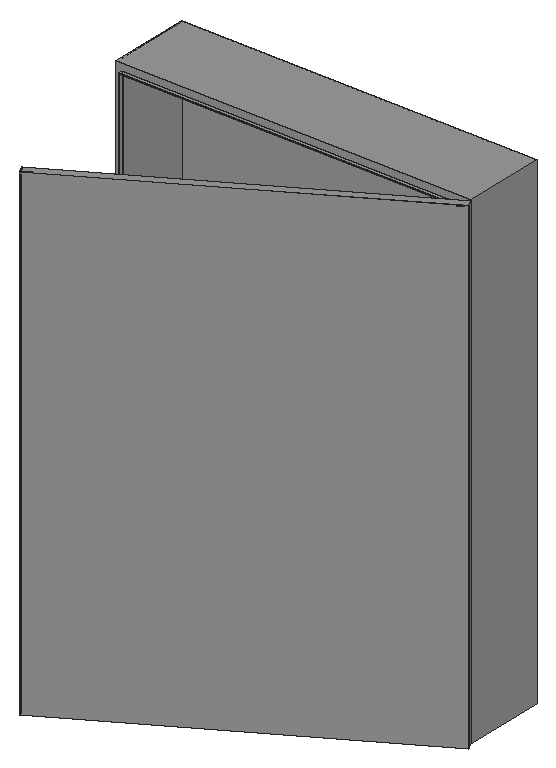
Revit family "Hager-Univers-IP44-D205-H1100-Cl.I-Encl-NoHosted-CH-it", category Electrical Equipment, Revit 2020
Family settings
  Panel Configuration = Two Columns, Circuits Across
  Round Connector Dimension = Use Diameter
  Part Type = Panelboard
  Work Plane-Based = Yes
  Always vertical = Yes
  Cut with Voids When Loaded = No
  Shared = No
  Room Calculation Point = No
Parameters (values of type "A parete IP44 L800 A1100 P205  - FP73TN2")
  Width Control [instance] = if([EF000008 - Larghezza] > Min Width, [EF000008 - Larghezza], Min Width)  # 800 mm
  Type Comments = [HG000003 - Gamma]  # "Univers"
  Thickness Door [instance] = if([EF009171 - spessore materiale porta/coperchio] > 3 mm, 3 mm, [EF009171 - spessore materiale porta/coperchio])  # 1 mm
  Seal Frame Offset [instance] = 17 mm  # constant formula
  Plinth Visibility [instance] = [HG000027 - Altezza dello zoccolo] > 0 mm  # no
  Min Width [instance] = 100 mm  # constant formula
  Min Depth [instance] = (2 * [EF009170 - spessore materiale scatola]) + 1 mm  # 3 mm
  Min Height [instance] = 100 mm  # constant formula
  Internal Frame Depth [instance] = (Door System Depth * 0.5)  # 9 mm
  Panel Name [instance] = ""  # (empty or 0)
  Model = ""
  HG000027 - Altezza dello zoccolo = 0 mm
  HG000026 - A pavimento = no
  HG000024 - Altezza della sezione inferiore = 600 mm
  HG000023 - Custodia a doppia sezione = no
  HG000016 - Visibilità delle porte nella vista 3D [instance] = yes
  HG000015 - Visibilità attraverso la porta [instance] = no
  HG000014 - Porta destra [instance] = yes
  HG000013 - Porta sinistra [instance] = not([HG000014 - Porta destra])  # no
  HG000012 - Angolo di apertura della porta [instance] = 30.00°
  HG000010 - Porte asimmetriche = no
  HG000009 - Porta doppia a battente = no
  HG000006 - Ad incasso = no
  HG000004 - Codice produttore = "FP73TN2"
  HG000003 - Gamma = "Univers"
  HG000002 - Con porta = yes
  Frame Offset Bottom [instance] = 10 mm  # constant formula
  Frame Offset [instance] = 15 mm  # constant formula
  EF015940 - Coprire con rilascio di sovrapressione = no
  EF011959 - tipo di protezione (NEMA) = ""
  EF009554 - numero delle aperture per la piastra della flangia = 6
  EF009212 - esecuzione coperchio = "EV000116 - chiuso"
  EF009171 - spessore materiale porta/coperchio = 1 mm
  EF009170 - spessore materiale scatola = 1 mm
  EF008873 - corrente nominale (In) = 250 A
  EF007800 - adatto per parafulmine = no
  EF006306 - con serratura = no
  EF006244 - coperchio/porta trasparente = no
  EF005474 - grado di protezione (IP) = "EV006418 - IP44"
  EF004464 - tipo di porta = "EV002646 - singolo"
  EF004427 - numero di moduli = 252
  EF004293 - resistenza agli urti = "EV006815 - IK09"
  EF003532 - adatto per uso esterno = no
  EF002950 - Numero moduli DIN = 36
  EF001613 - Integrità del circuito = "EV000494 - senza"
  EF001596 - Attacco Lampada = "EV000179 - acciaio"
  EF001131 - profondità interna = 130 mm
  EF001088 - possibilità di applicazione = yes
  EF000437 - numero di ingressi per conduttori = 6
  EF000339 - tipo di copertura = "EV001012 - coperchio"
  EF000266 - numero di file = 7
  EF000218 - profondità di incasso = 205 mm
  EF000118 - con piastra di montaggio = no
  EF000116 - numero RAL = "9010"
  EF000049 - profondità = 205 mm
  EF000040 - Altezza = 1100 mm
  EF000008 - Larghezza = 800 mm
  EF000007 - colore = "EV000202 - bianco"
  EF000003 - Tipo di montaggio = "EV000384 - A parete"
  Door System Leaf Tolerance [instance] = 1.5 mm  # constant formula
  Door System Depth [instance] = 18 mm  # constant formula
  Door Height [instance] = Height Control - [HG000027 - Altezza dello zoccolo]  # 1100 mm
  Description = ""
  Default Elevation = 1219.2 mm
  Connector Offset [instance] = Height Control / 2  # 550 mm
  Manufacturer = "Hager"  # constant formula
  Height Control [instance] = if([EF000040 - Altezza] > Min Height, [EF000040 - Altezza], Min Height)  # 1100 mm
  Depth Control [instance] = if([EF000049 - profondità] > Min Depth, [EF000049 - profondità], Min Depth)  # 205 mm
  Bottom Top Plate Trim [instance] = 1.5 mm  # constant formula
  Plinth height Ctrl [instance] = if([HG000027 - Altezza dello zoccolo] > 0 mm, [HG000027 - Altezza dello zoccolo], 12 mm)  # 12 mm
Types (10, lengths in mm): name | Width Control | HG000010 - Porte asimmetriche | HG000009 - Porta doppia a battente | HG000004 - Codice produttore | EF009554 - numero delle aperture per la piastra della flangia | EF004464 - tipo di porta | EF004427 - numero di moduli | EF002950 - Numero moduli DIN | EF000437 - numero di ingressi per conduttori | EF000218 - profondità di incasso | EF000008 - Larghezza
  A parete IP44 L1050 A1100 P205  - FP74QT | 1050 | no | no | "FP74QT" | 8 | "EV003602 - doppio" | 336 | 48 | 8 | 0 | 1050
  A parete IP44 L1050 A1100 P205  - FP74TN2 | 1050 | no | yes | "FP74TN2" | 8 | "EV003602 - doppio" | 336 | 48 | 8 | 205 | 1050
  A parete IP44 L1300 A1100 P205  - FP75QT | 1300 | no | no | "FP75QT" | 10 | "EV003602 - doppio" | 420 | 60 | 10 | 0 | 1300
  A parete IP44 L1300 A1100 P205  - FP75TN2 | 1300 | yes | yes | "FP75TN2" | 10 | "EV003602 - doppio" | 420 | 60 | 10 | 205 | 1300
  A parete IP44 L300 A1100 P205  - FP71QT | 300 | no | no | "FP71QT" | 2 | "EV002646 - singolo" | 84 | 12 | 2 | 0 | 300
  A parete IP44 L300 A1100 P205  - FP71TN2 | 300 | no | no | "FP71TN2" | 2 | "EV002646 - singolo" | 84 | 12 | 2 | 205 | 300
  A parete IP44 L550 A1100 P205  - FP72QT | 550 | no | no | "FP72QT" | 4 | "EV002646 - singolo" | 168 | 24 | 4 | 0 | 550
  A parete IP44 L550 A1100 P205  - FP72TN2 | 550 | no | no | "FP72TN2" | 4 | "EV002646 - singolo" | 168 | 24 | 4 | 205 | 550
  A parete IP44 L800 A1100 P205  - FP73QT | 800 | no | no | "FP73QT" | 6 | "EV002646 - singolo" | 252 | 36 | 6 | 0 | 800
  A parete IP44 L800 A1100 P205  - FP73TN2 | 800 | no | no | "FP73TN2" | 6 | "EV002646 - singolo" | 252 | 36 | 6 | 205 | 800
Reference planes
  plane 1 "Center (Front/Back)": y = 0
  plane 2: z = 0
  plane 3 "Center (Left/Right)": x = 0
  plane 4: y = 0
  plane 5: y = 0
  plane 6: z = 0
  plane 7: x = -400
  plane 8: x = 400
  plane 9: x = 399
  plane 10: x = -399
  plane 11: z = 0
  plane 12: z = 1
  plane 13: y = -205
  plane 14: y = -1
  plane 15: x = 0
  plane 16: y = -187
  plane 17: y = -204
  plane 18: y = -186
  plane 19: x = -384
  plane 20: x = 384
  plane 21: z = 11
  plane 22: x = -383
  plane 23: x = 383
  plane 24: z = 0
  plane 25: z = 1100
  plane 26: z = 1100
  plane 27: z = 1084
  plane 28: z = 1099
Forms (mm)
  Extrusion 1, solid, material "Hager_Steel_RAL7035_Light_Grey", detail levels medium+fine
    sketch origin (-208.679, -4572, 0) x (-1, 0, 0) y (0, -1, 0)
      loop
        line (191.321, -4385) -> (-608.679, -4385) -> (-608.679, -4572) -> (191.321, -4572) -> (191.321, -4385)
    from 0 to 1100
  Extrusion 2, void
    sketch origin (-350.771, -205, 1219.2) x (1, 0, 0) y (0, 0, 1)
      loop
        line (-48.229, -120.2) -> (-48.229, -1218.2) -> (749.771, -1218.2) -> (749.771, -120.2) -> (-48.229, -120.2)
    from -19 to -204
  Extrusion 3, void
    sketch origin (-290.084, -187, 1219.2) x (1, 0, 0) y (0, 0, 1)
      loop
        line (-93.916, -1208.2) -> (674.084, -1208.2) -> (674.084, -135.2) -> (-93.916, -135.2) -> (-93.916, -1208.2)
    from 0 to -1
  Extrusion 4, solid, material "Hager_Steel_RAL7035_Light_Grey", visible <- "Plinth Visibility", detail levels medium+fine
    sketch origin (0, 0, 0) x (1, 0, 0) y (0, 1, 0)
      loop
        line (-400, 0) -> (-400, -187) -> (400, -187) -> (400, 0) -> (-400, 0)
    from 0 to 12 <- "Plinth height Ctrl"
  Extrusion 5, solid, material "Hager_Steel_RAL7035_Light_Grey", detail levels coarse
    sketch origin (0, 0, 0) x (1, 0, 0) y (0, 1, 0)
      loop
        line (-400, 0) -> (-400, -205) -> (400, -205) -> (400, 0) -> (-400, 0)
    from 0 to 1100 <- "Height Control"
  Sweep 6, void
    path in 3D
      loop
        line (-400, -187, 12) -> (400, -187, 12) -> (400, 0, 12) -> (-400, 0, 12) -> (-400, -187, 12)
    profile origin (-400, -93.5, 12) x (1, 0, 0) y (0, 0, 1)
      loop
        line (0, 0) -> (0, -1.5) -> (1.5, -1.5)
        arc (1.5, -1.5) -> (1.061, -0.439) -> (0, 0) r 1.5
  Extrusion 7, solid, material "Hager_Steel_RAL7035_Light_Grey", detail levels fine
    sketch origin (-400, -187, 0) x (1, 0, 0) y (0, 0, 1)
      loop
        line (16, 11) -> (784, 11) -> (784, 1084) -> (16, 1084) -> (16, 11)
      loop
        line (15, 10) -> (785, 10) -> (785, 1085) -> (15, 1085) -> (15, 10)
    from 0 to 9 <- "Internal Frame Depth"
Cuts and joins
  Extrusion 2, Extrusion 3 cuts Extrusion 1
  Sweep 6 cuts Extrusion 4
Lines and regions (mm)
  Masking region 1
    outline origin (0, 0, 0) x (1, 0, 0) y (0, 1, 0)
      loop
        line (-400, 0) -> (-400, -205) -> (400, -205) -> (400, 0) -> (-400, 0)
  Masking region 2, detail levels coarse
    outline origin (-290.084, -187, 1219.2) x (-1, 0, 0) y (0, 0, 1)
      loop
        line (-690.084, -1219.2) -> (109.916, -1219.2) -> (109.916, -119.2) -> (-690.084, -119.2) -> (-690.084, -1219.2)
  Masking region 3, detail levels coarse
    outline origin (0, 0, 0) x (0, 1, 0) y (0, 0, 1)
      loop
        line (0, 0) -> (0, 1100) -> (-205, 1100) -> (-205, 0) -> (0, 0)
  Masking region 4, visible <- "Plinth Visibility", detail levels medium+fine
    outline origin (0, 0, 0) x (0, 1, 0) y (0, 0, 1)
      loop
        line (-1.5, 12) -> (-185.5, 12)
        arc (-185.5, 12) -> (-185.939, 10.939) -> (-187, 10.5) r 1.5
        line (-187, 10.5) -> (-187, 0) -> (0, 0) -> (0, 10.5)
        arc (0, 10.5) -> (-1.061, 10.939) -> (-1.5, 12) r 1.5
  Masking region 5, detail levels medium+fine
    outline origin (0, 0, 594.038) x (0, 1, 0) y (0, 0, 1)
      loop
        line (0, -594.038) -> (0, 505.962) -> (-187, 505.962) -> (-187, -594.038) -> (0, -594.038)
  Masking region 6, detail levels medium+fine
    outline origin (-359.7, -187, 1211.883) x (-1, 0, 0) y (0, 0, 1)
      loop
        line (-759.7, -1211.883) -> (40.3, -1211.883) -> (40.3, -111.883) -> (-759.7, -111.883) -> (-759.7, -1211.883)
  Masking region 7, visible <- "Plinth Visibility", detail levels medium+fine
    outline origin (-320.334, -187, 1041.368) x (-1, 0, 0) y (0, 0, 1)
      loop
        line (-720.334, -1041.368) -> (79.666, -1041.368) -> (79.666, -1030.868)
        arc (79.666, -1030.868) -> (78.606, -1030.429) -> (78.166, -1029.368) r 1.5
        line (78.166, -1029.368) -> (-718.834, -1029.368)
        arc (-718.834, -1029.368) -> (-719.273, -1030.429) -> (-720.334, -1030.868) r 1.5
        line (-720.334, -1030.868) -> (-720.334, -1041.368)
  sketch lines
    curve 1: line (-400, 0, 12) -> (-400, -187, 12)
    curve 2: line (-400, -187, 12) -> (400, -187, 12)
    curve 3: line (400, 0, 12) -> (-400, 0, 12)
    curve 4: line (400, -187, 12) -> (400, 0, 12)
Dimensions and locks
  locked: plane 1 "Center (Front/Back)" to plane 5
  "EF009170 - spessore materiale scatola": plane 7 to plane 10
  "EF009170 - spessore materiale scatola": plane 8 to plane 9
  equal spacing: plane 7, plane 3 "Center (Left/Right)", plane 8
  "Width Control": plane 7 to plane 8
  "Depth Control": plane 4 to plane 13
  "EF009170 - spessore materiale scatola": plane 4 to plane 14
  "Height Control": plane 25 to level
  "HG000027 - Altezza dello zoccolo": plane 11 to level
  "EF009170 - spessore materiale scatola": plane 12 to plane 11
  "EF009170 - spessore materiale scatola": plane 17 to plane 13
  "EF009170 - spessore materiale scatola": plane 18 to plane 16
  "Frame Offset Bottom": plane 21 to plane 12
  "Frame Offset": plane 10 to plane 19
  "Frame Offset": plane 9 to plane 20
  "Door System Depth": plane 16 to plane 13
  "Seal Frame Offset": plane 7 to plane 22
  "Seal Frame Offset": plane 8 to plane 23
  "EF009170 - spessore materiale scatola": plane 26 to plane 28
  "Frame Offset": plane 28 to plane 27
  "Connector Offset": plane 2 to connector elem
  "Bottom Top Plate Trim": profile plane to Sweep 6 sketch curve
  "Bottom Top Plate Trim": Sweep 6 sketch curve to Sweep 6 sketch curve
  "Plinth height Ctrl": Masking region 4 sketch curve to level
  "Plinth height Ctrl": Masking region 7 sketch curve to level
  "Thickness Door": Extrusion 7 sketch curve to Extrusion 7 sketch curve  (x4)
  "Bottom Top Plate Trim": radius of Sweep 6 sketch curve
  "Bottom Top Plate Trim": radius of Masking region 4 sketch curve  (x2)
  "Bottom Top Plate Trim": radius of Masking region 7 sketch curve  (x2)
  aligned and locked: Extrusion 2 sketch curve to plane 12
  aligned and locked: Extrusion 2 sketch curve to plane 9
  aligned and locked: Extrusion 2 sketch curve to plane 10
  aligned and locked: Extrusion 2 to plane 14
  aligned and locked: Extrusion 1 sketch curve to plane 4
  aligned and locked: plane 8 to Extrusion 1 sketch curve
  aligned and locked: plane 7 to Extrusion 1 sketch curve
  aligned and locked: Extrusion 2 to plane 18
  aligned and locked: Extrusion 3 sketch curve to plane 19
  aligned and locked: plane 20 to Extrusion 3 sketch curve
  aligned and locked: Extrusion 3 to Extrusion 2
  aligned and locked: Extrusion 3 sketch curve to plane 21
  aligned and locked: plane 3 "Center (Left/Right)" to nested 1
  aligned and locked: Extrusion 1 sketch curve to plane 16
  aligned and locked: Extrusion 4 sketch curve to cut or joined group of Extrusion 1, Extrusion 2, Extrusion 3
  aligned and locked: Masking region 1 sketch curve to plane 7
  aligned and locked: Masking region 1 sketch curve to plane 5
  aligned and locked: Masking region 1 sketch curve to plane 8
  aligned and locked: Masking region 2 sketch curve to level
  aligned and locked: level to Masking region 3 sketch curve
  aligned and locked: plane 1 "Center (Front/Back)" to Masking region 3 sketch curve
  aligned and locked: plane 13 to Masking region 3 sketch curve
  aligned and locked: plane 5 to Masking region 4 sketch curve
  aligned and locked: Masking region 2 sketch curve to plane 8
  aligned and locked: Masking region 2 sketch curve to plane 7
  aligned and locked: plane 7 to nested 2
  aligned and locked: nested 2 to plane 5
  aligned and locked: plane 5 to Masking region 5 sketch curve
  aligned and locked: plane 26 to Masking region 5 sketch curve
  aligned and locked: Extrusion 5 sketch curve to plane 8
  aligned and locked: Extrusion 5 sketch curve to plane 7
  aligned and locked: Extrusion 5 sketch curve to plane 5
  aligned and locked: Extrusion 3 sketch curve to plane 27
  aligned and locked: Extrusion 2 sketch curve to plane 28
  aligned and locked: Masking region 2 to plane 25
  aligned and locked: Extrusion 4 to plane 16
  aligned and locked: profile plane to Sweep 6 sketch curve
  aligned and locked: Masking region 5 sketch curve to plane 24
  aligned and locked: level to Masking region 4 sketch curve
  aligned and locked: Masking region 1 to plane 13
  aligned and locked: nested 1 to plane 16
  aligned and locked: Masking region 3 to plane 25
  aligned and locked: plane 16 to Masking region 4 sketch curve
  aligned and locked: Masking region 5 sketch curve to plane 16
  aligned and locked: plane 24 to plane 11
  aligned and locked: plane 26 to plane 25
  aligned and locked: plane 26 to cut or joined group of Extrusion 1, Extrusion 2, Extrusion 3
  aligned and locked: nested 1 to plane 24
  aligned and locked: Extrusion 1 to Extrusion 3
  aligned and locked: Masking region 6 sketch curve to plane 8
  aligned and locked: Masking region 6 sketch curve to plane 24
  aligned and locked: Masking region 6 sketch curve to plane 7
  aligned and locked: Masking region 6 sketch curve to plane 26
  aligned and locked: Masking region 7 sketch curve to plane 7
  aligned and locked: level to Masking region 7 sketch curve
  aligned and locked: Masking region 7 sketch curve to plane 8
  aligned and locked: Extrusion 7 sketch curve to cut or joined group of Extrusion 1, Extrusion 2, Extrusion 3  (x4)
Automatic sketch dimensions
  plane 19 to Extrusion 3 sketch curve = 0 mm
  Extrusion 3 sketch curve to plane 20 = 0 mm
  Extrusion 3 sketch curve to plane 21 = 0 mm
  Extrusion 4 sketch curve to plane 7 = 0 mm
  Extrusion 4 sketch curve to plane 8 = 0 mm
  Extrusion 4 sketch curve to plane 16 = 0 mm
  Masking region 1 sketch curve to plane 13 = 0 mm
  Masking region 2 sketch curve to plane 25 = 0 mm
  Masking region 3 sketch curve to plane 25 = 0 mm
  Extrusion 5 sketch curve to plane 13 = 0 mm
  profile plane to Sweep 6 sketch curve = 0 mm
Nested families
  nested 1: "EC000058_Univers_Door" at (0, -187, 0), Double <- "HG000009 - Porta doppia a battente", Transparent <- "EF006244 - coperchio/porta trasparente", Angle <- "HG000012 - Angolo di apertura della porta", Door_Right <- "HG000014 - Porta destra", Assymetrical <- "HG000010 - Porte asimmetriche", Door <- "HG000002 - Con porta", Width_Ctrl <- "Width Control", 3d_Door <- "HG000016 - Visibilità delle porte nella vista 3D", Clearance <- "HG000015 - Visibilità attraverso la porta", Door_Left <- "HG000013 - Porta sinistra", Width <- "Width Control", Door_Depth <- "Door System Depth", Leaf_Tolerance <- "Door System Leaf Tolerance", Height <- "Door Height", Lock_Visibility <- "EF006306 - con serratura", Thickness <- "Thickness Door", type "EC000058_Univers_Door", detail levels medium+fine
    with min_wh 3 mm, Width_Ctrl 800 mm, Width 800 mm, Transparent no, Thickness 1 mm, Seal_Material Hager_Rubber, Lock_Visibility no, Lock_Material Hager_Plastic_RAL9005_Jet_Black, Leaf_Width 800 mm, Leaf_Tolerance_External_Sides 0 mm, Leaf_Tolerance 1.5 mm, Leaf_Offset 0 mm, Leaf_Height 1097 mm, Leaf_2_Width 800 mm, Leaf_2_Offset 400 mm, Leaf_1_Width 800 mm, Leaf_1_Offset 400 mm, Height_Ctrl 1100 mm, Height 1100 mm, Glass_Material Hager_Glass, Double_Clearance_Ctrl no, Double no, Door_Right_Ctrl yes, Door_Right yes, Door_Material Hager_Steel_RAL7035_Light_Grey, Door_Left_Ctrl no, Door_Left no, Door_Depth 18 mm, Door yes, Clearance_Material Hager_Clearance, Clearance_Depth 800 mm, Clearance_Ctrl no, Clearance no, Assymetrical no, Angle 30.00°, 3d_Door yes
  nested 2: "Hager_Enclosure_Symbol" at (-400, 0, 0), Height <- "Depth Control", Width <- "Width Control", type "Hager_Enclosure_Symbol"
    with Width_Ctrl 800 mm, Width 800 mm, Height_Ctrl 205 mm, Height 205 mm, A_Width_Int 13.453 mm, A_Width 161.438 mm, A_Height_Ctrl 179.375 mm, A_Height 179.375 mm
Connectors
  electrical at (0, 0, 550)
    settings: on plane 1 "Center (Front/Back)", index 1, voltage 0 V, apparent load 0 VA, apparent load phase1 0 VA, apparent load phase2 0 VA, apparent load phase3 0 VA, power factor 1, load classification "Other", number of poles 1, system type 30, power factor state 1, is connector primary yes, connector utility no, sub classification motor no, connector description ""
Definition of nested family "EC000058_Univers_Door"
  Parameters (values of type "EC000058_Univers_Door")
    min_wh [instance] = (2 * Thickness) + 1 mm  # 11 mm
    Width_Ctrl [instance] = 400 mm
    Width [instance] = 500 mm
    Transparent [instance] = yes
    Thickness [instance] = 5 mm
    Seal_Material [instance] = none
    Lock_Visibility [instance] = yes
    Lock_Material [instance] = none
    Leaf_Width [instance] = if((Width_Ctrl - 2 * Leaf_Tolerance_External_Sides) > 0 mm, (Width_Ctrl - 2 * Leaf_Tolerance_External_Sides), min_wh)  # 400 mm
    Leaf_Tolerance_External_Sides [instance] = 0 mm  # constant formula
    Leaf_Tolerance [instance] = 1.5 mm
    Leaf_Offset [instance] = 0 mm  # constant formula
    Leaf_Height [instance] = if((Height_Ctrl - 2 * Leaf_Tolerance) > 0 mm, (Height_Ctrl - 2 * Leaf_Tolerance), min_wh)  # 497 mm
    Leaf_2_Width [instance] = if(and(and(Double, Assymetrical), Door_Left), (Leaf_Width / 3) - (Leaf_Tolerance / 2), if(and(and(Double, Assymetrical), Door_Right), (Leaf_Width / 3) * 2 - (Leaf_Tolerance / 2), if(and(Double, not(Assymetrical)), (Leaf_Width / 2) - Leaf_Tolerance, Leaf_Width)))  # 400 mm
    Leaf_2_Offset [instance] = if(and(Double, Assymetrical), Leaf_2_Width / 2, if(and(Double, not(Assymetrical)), Leaf_Width / 4, Leaf_Width / 2))  # 200 mm
    Leaf_1_Width [instance] = if(and(and(Double, Assymetrical), Door_Right), (Leaf_Width / 3) - (Leaf_Tolerance / 2), if(and(and(Double, Assymetrical), Door_Left), (Width / 3) * 2 - (Leaf_Tolerance / 2), if(and(Double, not(Assymetrical)), (Leaf_Width / 2) - Leaf_Tolerance, Leaf_Width)))  # 400 mm
    Leaf_1_Offset [instance] = if(and(Double, Assymetrical), Leaf_1_Width / 2, if(and(Double, not(Assymetrical)), Leaf_Width / 4, Leaf_Width / 2))  # 200 mm
    Height_Ctrl [instance] = if(Height > min_wh, Height, min_wh)  # 500 mm
    Height [instance] = 500 mm
    Glass_Material [instance] = none
    Double_Clearance_Ctrl [instance] = and(Double, Clearance)  # no
    Double [instance] = no
    Door_Right_Ctrl [instance] = and(or(Door_Right, Double), Door)  # yes
    Door_Right [instance] = yes
    Door_Material [instance] = none
    Door_Left_Ctrl [instance] = and(or(Door_Left, Double), Door)  # no
    Door_Left [instance] = no
    Door_Depth [instance] = 30 mm
    Door [instance] = yes
    Default Elevation = 1219.2 mm
    Clearance_Material [instance] = none
    Clearance_Depth [instance] = if(Leaf_1_Width > Leaf_2_Width, Leaf_1_Width, Leaf_2_Width)  # 400 mm
    Clearance_Ctrl [instance] = and(not(Double), Clearance)  # yes
    Clearance [instance] = yes
    Assymetrical [instance] = yes
    Angle [instance] = 30.00°
    3d_Door [instance] = yes
  Reference planes
    plane 1 "Center (Front/Back)": y = 0
    plane 2 "Bottom": z = 0
    plane 3 "Center (Left/Right)": x = 0
    plane 4: z = 500
    plane 5: x = -200
    plane 6: x = 200
    plane 7: z = 500
    plane 8: x = -200
    plane 9: z = 0
    plane 10: x = 200
    plane 11: y = 0
    plane 12: z = 1.5
    plane 13: x = -600
    plane 14: y = -400
    plane 15: x = 600
    plane 16: x = 0
    plane 17: x = 0
    plane 18: x = -200
    plane 19: x = 200
    plane 20: z = 498.5
  Forms (mm)
    Extrusion 1, solid, material <- "Clearance_Material", visible <- "Double_Clearance_Ctrl"
      sketch origin (1200, 0, 0) x (1, 0, 0) y (0, 0, -1)
        loop
          line (-1800, -498.5) -> (-600, -498.5) -> (-600, 0) -> (-1800, 0) -> (-1800, -498.5)
      from 0 to -400
  Dimensions and locks
    equal spacing: plane 5, plane 3 "Center (Left/Right)", plane 6
    "Width_Ctrl": plane 5 to plane 6
    "Leaf_Offset": plane 5 to plane 8
    "Leaf_Offset": plane 6 to plane 10
    "Leaf_Offset": plane 9 to level
    "Leaf_Offset": plane 4 to plane 7
    "Height_Ctrl": plane 4 to level
    "Leaf_Tolerance": plane 12 to plane 9
    locked: plane 11 to plane 1 "Center (Front/Back)"
    "Leaf_1_Offset": plane 18 to plane 16
    "Leaf_2_Offset": plane 17 to plane 19
    "Leaf_1_Width": plane 13 to plane 8
    "Leaf_2_Width": plane 10 to plane 15
    "Clearance_Depth": plane 14 to plane 1 "Center (Front/Back)"
    "Leaf_Tolerance_External_Sides": plane 8 to plane 18
    "Leaf_Tolerance_External_Sides": plane 19 to plane 10
    "Leaf_Tolerance": plane 7 to plane 20
    aligned and locked: level to plane 2 "Bottom"
    aligned and locked: nested 1 to plane 16
    aligned and locked: nested 2 to plane 17
    aligned and locked: Extrusion 1 to plane 13
    aligned and locked: plane 15 to Extrusion 1
    aligned and locked: Extrusion 1 to plane 14
    aligned and locked: plane 12 to nested 1
    aligned and locked: nested 2 to plane 12
    aligned and locked: Extrusion 1 to plane 11
    aligned and locked: plane 20 to Extrusion 1
    aligned and locked: nested 2 to plane 11
    aligned and locked: nested 1 to plane 11
  Automatic sketch dimensions
    Extrusion 1 sketch curve to level = 0 mm
    plane 5 to Extrusion 1 sketch curve = 400 mm
    plane 6 to Extrusion 1 sketch curve = 400 mm
    Extrusion 1 sketch curve to plane 4 = 1.5 mm
  Nested families
    nested 1: "EC000058_Univers_Door_Leaf" at (0, 0, 1.5), Width <- "Leaf_1_Width", visible <- "Door_Left_Ctrl", Leaf_Height <- "Leaf_Height", Angle <- "Angle", 3d_Door <- "3d_Door", Transparent <- "Transparent", Clearance Material <- "Clearance_Material", Clearance <- "Clearance_Ctrl", Door_Material <- "Door_Material", Glass_Material <- "Glass_Material", Door_Depth <- "Door_Depth", Lock_Material <- "Lock_Material", Seal_Material <- "Seal_Material", Lock_Visibility <- "Lock_Visibility", Thickness <- "Thickness", type "EC000058_Univers_Door_Leaf"
      with Width 400 mm, Transparent_Glass_Offset 30 mm, Transparent_Ctrl yes, Transparent yes, Thickness 5 mm, Standard no, Seal_Material none, Seal_D2 8 mm, Seal_D1 1 mm, Offset_Internal_Frame 10 mm, Lock_Width 20 mm, Lock_Visibility_3d yes, Lock_Visibility yes, Lock_Thickness_3 3 mm, Lock_Thickness_2 1 mm, Lock_Thickness_1 3 mm, Lock_Radius_Offset_2 16 mm, Lock_Radius_Offset_1 15 mm, Lock_Radius_2 5 mm, Lock_Radius 6 mm, Lock_Offset 5 mm, Lock_Material none, Lock_Height 80 mm, Lock_Cover_Top_Offset_2d 17 mm, Lock_Cover_Height -65 mm, Leaf_Height 497 mm, Internal_Seal_Thickness 8 mm, Internal_Seal_Depth_2 4.5 mm, Internal_Frame_Depth 25 mm, Glass_Thickness -1 mm, Glass_Offset -2 mm, Glass_Material none, Door_Material none, Door_Depth 30 mm, Clearance Material none, Clearance yes, Angle_Ctrl 30.00°, Angle 30.00°, 3d_Door yes
    nested 2: "EC000058_Univers_Door_Leaf" at (0, 0, 1.5) x (-1, 0, 0) z (0, 0, 1), Width <- "Leaf_2_Width", visible <- "Door_Right_Ctrl", Leaf_Height <- "Leaf_Height", Angle <- "Angle", 3d_Door <- "3d_Door", Transparent <- "Transparent", Clearance Material <- "Clearance_Material", Clearance <- "Clearance_Ctrl", Door_Material <- "Door_Material", Glass_Material <- "Glass_Material", Door_Depth <- "Door_Depth", Lock_Material <- "Lock_Material", Seal_Material <- "Seal_Material", Lock_Visibility <- "Lock_Visibility", Thickness <- "Thickness", type "EC000058_Univers_Door_Leaf"
      with Width 400 mm, Transparent_Glass_Offset 30 mm, Transparent_Ctrl yes, Transparent yes, Thickness 5 mm, Standard no, Seal_Material none, Seal_D2 8 mm, Seal_D1 1 mm, Offset_Internal_Frame 10 mm, Lock_Width 20 mm, Lock_Visibility_3d yes, Lock_Visibility yes, Lock_Thickness_3 3 mm, Lock_Thickness_2 1 mm, Lock_Thickness_1 3 mm, Lock_Radius_Offset_2 16 mm, Lock_Radius_Offset_1 15 mm, Lock_Radius_2 5 mm, Lock_Radius 6 mm, Lock_Offset 5 mm, Lock_Material none, Lock_Height 80 mm, Lock_Cover_Top_Offset_2d 17 mm, Lock_Cover_Height -65 mm, Leaf_Height 497 mm, Internal_Seal_Thickness 8 mm, Internal_Seal_Depth_2 4.5 mm, Internal_Frame_Depth 25 mm, Glass_Thickness -1 mm, Glass_Offset -2 mm, Glass_Material none, Door_Material none, Door_Depth 30 mm, Clearance Material none, Clearance yes, Angle_Ctrl 30.00°, Angle 30.00°, 3d_Door yes
  Definition of nested family "EC000058_Univers_Door_Leaf"
    Parameters (values of type "EC000058_Univers_Door_Leaf")
      Width [instance] = 2000 mm
      Transparent_Glass_Offset [instance] = 30 mm
      Transparent_Ctrl [instance] = and(Transparent, [3d_Door])  # yes
      Transparent [instance] = yes
      Thickness [instance] = 5 mm
      Standard [instance] = and(not(Transparent), [3d_Door])  # no
      Seal_Material [instance] = none
      Seal_D2 [instance] = 8 mm  # constant formula
      Seal_D1 [instance] = 1 mm  # constant formula
      Offset_Internal_Frame [instance] = 10 mm  # constant formula
      Lock_Width [instance] = 20 mm  # constant formula
      Lock_Visibility_3d [instance] = and(Lock_Visibility, [3d_Door])  # yes
      Lock_Visibility [instance] = yes
      Lock_Thickness_3 [instance] = 3 mm  # constant formula
      Lock_Thickness_2 [instance] = 1 mm  # constant formula
      Lock_Thickness_1 [instance] = 3 mm  # constant formula
      Lock_Radius_Offset_2 [instance] = Lock_Radius_Offset_1 + 1 mm  # 16 mm
      Lock_Radius_Offset_1 [instance] = 15 mm  # constant formula
      Lock_Radius_2 [instance] = Lock_Radius - 1 mm  # 5 mm
      Lock_Radius [instance] = 6 mm  # constant formula
      Lock_Offset [instance] = 5 mm  # constant formula
      Lock_Material [instance] = none
      Lock_Height [instance] = 80 mm  # constant formula
      Lock_Cover_Top_Offset_2d [instance] = Lock_Radius_Offset_2 + 1 mm  # 17 mm
      Lock_Cover_Height [instance] = -(Lock_Height - Lock_Radius_Offset_1)  # -65 mm
      Leaf_Height [instance] = 2720.336 mm
      Internal_Seal_Thickness [instance] = 8 mm  # constant formula
      Internal_Seal_Depth_2 [instance] = 4.5 mm  # constant formula
      Internal_Frame_Depth [instance] = if(Door_Depth - Thickness > 5 mm, Door_Depth - Thickness, 5 mm)  # 25 mm
      Glass_Thickness [instance] = if(Thickness > 15 mm, Glass_Offset + 10 mm, -1 mm)  # -1 mm
      Glass_Offset [instance] = if(Thickness > 15 mm, -(Thickness + 10 mm) / 2, -2 mm)  # -2 mm
      Glass_Material [instance] = none
      Door_Material [instance] = none
      Door_Depth [instance] = 30 mm
      Default Elevation = 0 mm
      Clearance Material [instance] = none
      Clearance [instance] = yes
      Angle_Ctrl [instance] = if(Angle > 180.00°, 180.00°, Angle)  # 90.00°
      Angle [instance] = 90.00°
      3d_Door [instance] = yes
    Reference planes
      plane 1 "Center (Front/Back)": y = 0
      plane 2: z = 0
      plane 3 "Center (Left/Right)": x = 0
      plane 4: y = 2000
      plane 5: x = -1000
      plane 6: x = 1000
      plane 7: x = -3000
      plane 8: z = 2720.336
      plane 9: z = 30
      plane 10: z = 2690.336
      plane 11: x = 970
      plane 12: x = -970
      plane 13: y = -3
      plane 14: z = 107.833
      plane 15: y = -5
      plane 16: y = -223.314
      plane 17: x = -1000
      plane 18: z = 1360.168
      plane 19: y = 30
    Forms (mm)
      Extrusion 1, solid, material <- "Clearance Material", visible <- "Clearance"
        sketch origin (0, 0, 0) x (1, 0, 0) y (0, 0, 1)
          loop
            line (-3000, 2720.336) -> (-3000, 0) -> (1000, 0) -> (1000, 2720.336) -> (-3000, 2720.336)
        from 0 to -2000
      Extrusion 2, solid, material <- "Door_Material", visible <- "Standard", detail levels medium+fine
        sketch origin (-1000, 0, 0) x (0, 1, 0) y (-1, 0, 0)
          loop
            line (0, 30) -> (0, 25) -> (2000, 25) -> (2000, 30) -> (0, 30)
        from 0 to 2720.336 <- "Leaf_Height"
      Extrusion 3, solid, material <- "Door_Material", visible <- "Transparent_Ctrl", detail levels medium+fine
        sketch origin (-1000, 0, 0) x (0, 1, 0) y (-1, 0, 0)
          loop
            line (0, 25) -> (2000, 25) -> (2000, 30) -> (0, 30) -> (0, 25)
        from 0 to 2720.336 <- "Leaf_Height"
      Extrusion 4, void
        sketch origin (-1025, 2000, 0) x (0, 1, 0) y (0, 0, -1)
          loop
            line (-30, -2690.336) -> (-30, -30) -> (-1970, -30) -> (-1970, -2690.336) -> (-30, -2690.336)
        from 0 to 5 <- "Thickness"
      Sweep 5, solid, material <- "Seal_Material", visible <- "Transparent_Ctrl", detail levels fine
        path in 3D
          loop
            line (-1025, 30, 30) -> (-1025, 30, 2690.336) -> (-1025, 1970, 2690.336) -> (-1025, 1970, 30) -> (-1025, 30, 30)
        profile origin (-1025, 1000, 30) x (1, 0, 0) y (0, 0, 1)
          loop
            line (0, 0) -> (0, -8) -> (1, -8) -> (1, 0) -> (0, 0)
      Extrusion 6, solid, material <- "Glass_Material", visible <- "Transparent_Ctrl", detail levels medium+fine
        sketch origin (-1030, 0, 0) x (0, 1, 0) y (0, 0, -1)
          loop
            line (1970, -2690.336) -> (1970, -30) -> (30, -30) -> (30, -2690.336) -> (1970, -2690.336)
        from -2 <- "Glass_Offset" to -1 <- "Glass_Thickness"
      Extrusion 7, solid, material <- "Door_Material", visible <- "3d_Door", detail levels medium+fine
        sketch origin (-1025, 2000, 0) x (0, -1, 0) y (0, 0, -1)
          loop
            line (0, -2720.336) -> (2000, -2720.336) -> (2000, 0) -> (0, 0) -> (0, -2720.336)
          loop
            line (1995, -5) -> (5, -5) -> (5, -2715.336) -> (1995, -2715.336) -> (1995, -5)
        from 0 to 25 <- "Internal_Frame_Depth"
      Sweep 8, solid, material <- "Seal_Material", visible <- "Transparent_Ctrl", detail levels fine
        path in 3D
          loop
            line (-1025, 0, 0) -> (-1025, 2000, 0) -> (-1025, 2000, 2720.336) -> (-1025, 0, 2720.336) -> (-1025, 0, 0)
        profile origin (-1025, 0, 1360.168) x (1, 0, 0) y (0, 1, 0)
          loop
            line (0, 10) -> (2.975, 10)
            arc (2.975, 10) -> (4.053, 10.447) -> (4.5, 11.525) r 1.525
            line (4.5, 11.525) -> (4.5, 16.527)
            arc (4.5, 16.527) -> (4.069, 17.569) -> (3.027, 18) r 1.473
            line (3.027, 18) -> (0, 18) -> (0, 10)
      Extrusion 9, solid, material <- "Lock_Material", visible <- "Lock_Visibility_3d", detail levels fine
        sketch origin (-1030, 0, 0) x (0, 1, 0) y (0, 0, -1)
          loop
            arc (1993.5, -1400.168) -> (1994.561, -1399.729) -> (1995, -1398.668) r 1.5
            line (1995, -1398.668) -> (1995, -1320.168) -> (1975, -1320.168) -> (1975, -1398.668)
            arc (1975, -1398.668) -> (1975.439, -1399.729) -> (1976.5, -1400.168) r 1.5
            line (1976.5, -1400.168) -> (1993.5, -1400.168)
        from 3 <- "Lock_Thickness_1" to 0
      Blend 10, solid, material <- "Lock_Material", visible <- "Lock_Visibility_3d", detail levels fine
        base sketch origin (-1033, 0, 0) x (0, 1, 0) y (0, 0, -1)
          loop
            line (1975, -1320.168) -> (1975, -1398.668)
            arc (1975, -1398.668) -> (1975.439, -1399.729) -> (1976.5, -1400.168) r 1.5
            line (1976.5, -1400.168) -> (1993.5, -1400.168)
            arc (1993.5, -1400.168) -> (1994.561, -1399.729) -> (1995, -1398.668) r 1.5
            line (1995, -1398.668) -> (1995, -1320.168) -> (1975, -1320.168)
        top sketch origin (-1033, 0, 0) x (0, 1, 0) y (0, 0, -1)
          loop
            line (1976, -1320.168) -> (1976, -1398.668)
            arc (1976, -1398.668) -> (1976.146, -1399.022) -> (1976.5, -1399.168) r 0.5
            line (1976.5, -1399.168) -> (1993.5, -1399.168)
            arc (1993.5, -1399.168) -> (1993.854, -1399.022) -> (1994, -1398.668) r 0.5
            line (1994, -1398.668) -> (1994, -1320.168) -> (1976, -1320.168)
        from 0 to 1 <- "Lock_Thickness_2"
      Blend 11, solid, material <- "Lock_Material", visible <- "Lock_Visibility_3d", detail levels fine
        base sketch origin (-1034, 0, 0) x (0, 1, 0) y (0, 0, -1)
          loop
            line (1978, -1320.168) -> (1978, -1384.168)
            arc (1978, -1384.168) -> (1985, -1391.168) -> (1992, -1384.168) r 7
            line (1992, -1384.168) -> (1992, -1320.168) -> (1978, -1320.168)
        top sketch origin (-1034, 0, 0) x (0, 1, 0) y (0, 0, -1)
          loop
            line (1991, -1320.168) -> (1979, -1320.168) -> (1979, -1383.168)
            arc (1979, -1383.168) -> (1985, -1389.168) -> (1991, -1383.168) r 6
            line (1991, -1383.168) -> (1991, -1320.168)
        from 0 to 3 <- "Lock_Thickness_3"
      Extrusion 12, solid, material <- "Lock_Material", visible <- "Lock_Visibility_3d", detail levels fine
        sketch origin (-1030, 1975, 1320.168) x (1, 0, 0) y (0, -1, 0)
          loop
            line (-7, -19) -> (-7, -1) -> (0, -1) -> (0, 0) -> (-8, 0) -> (-8, -20) -> (0, -20) -> (0, -19) -> (-7, -19)
        from 0 to -65 <- "Lock_Cover_Height"
      Extrusion 13, void
        sketch origin (-1038, 1995, 1320.168) x (-1, 0, 0) y (0, 0, -1)
          loop
            line (-5, -65) -> (0, -65) -> (-5, -60) -> (-5, -65)
        from 0 to 20 <- "Lock_Width"
      Extrusion 14, void
        sketch origin (-1038, 1975, 1320.168) x (0, -1, 0) y (0, 0, -1)
          loop
            circle (-10, -15.995) r 6
          loop
            circle (-10, -15.995) r 5
        from 0 to 2
      Extrusion 15, solid, material <- "Lock_Material", visible <- "Lock_Visibility_3d", detail levels medium
        sketch origin (-1030, 0, 0) x (0, 1, 0) y (0, 0, -1)
          loop
            arc (1993.5, -1400.168) -> (1994.561, -1399.729) -> (1995, -1398.668) r 1.5
            line (1995, -1398.668) -> (1995, -1320.168) -> (1975, -1320.168) -> (1975, -1398.668)
            arc (1975, -1398.668) -> (1975.439, -1399.729) -> (1976.5, -1400.168) r 1.5
            line (1976.5, -1400.168) -> (1993.5, -1400.168)
        from 8 to 0
    Cuts and joins
      Extrusion 4 cuts Extrusion 3
      Extrusion 13, Extrusion 14 cuts Extrusion 9
      Extrusion 14 cuts Blend 11
      Extrusion 13, Extrusion 14 cuts Extrusion 12
      joined: Extrusion 9, Blend 10, Blend 11, Extrusion 12
      Extrusion 14 cuts Extrusion 15
    Lines and regions (mm)
      Masking region 1, visible <- "Lock_Visibility", detail levels fine
        outline origin (0, 0, 0) x (0, 1, 0) y (0, 0, 1)
          loop
            line (30, 1320.168) -> (33, 1320.168) -> (33, 1400.168) -> (30, 1400.168) -> (30, 1320.168)
      Masking region 2, visible <- "Lock_Visibility", detail levels fine
        outline origin (0, 3.143, 0) x (0, 1, 0) y (0, 0, 1)
          loop
            line (29.857, 1354.168) -> (30.857, 1354.168) -> (30.857, 1366.168) -> (29.857, 1366.168) -> (29.857, 1354.168)
      Masking region 3, detail levels medium+fine
        outline origin (0, 0, 0) x (0, 1, 0) y (0, 0, 1)
          loop
            line (0, 0) -> (30, 0) -> (30, 2720.336) -> (0, 2720.336) -> (0, 0)
      Masking region 4, detail levels medium+fine
        outline origin (0, 0, 0) x (1, 0, 0) y (0, 0, 1)
          loop
            line (-1000, 2720.336) -> (-1000, 0) -> (1000, 0) -> (1000, 2720.336) -> (-1000, 2720.336)
      Masking region 5, visible <- "Lock_Visibility", detail levels fine
        outline origin (-47.116, 0, 0) x (1, 0, 0) y (0, 0, 1)
          loop
            arc (1024.616, 1399.168) -> (1023.556, 1398.729) -> (1023.116, 1397.668) r 1.5
            line (1023.116, 1397.668) -> (1023.116, 1320.168) -> (1041.116, 1320.168) -> (1041.116, 1397.668)
            arc (1041.116, 1397.668) -> (1040.677, 1398.729) -> (1039.616, 1399.168) r 1.5
            line (1039.616, 1399.168) -> (1024.616, 1399.168)
      Masking region 6, visible <- "Lock_Visibility", detail levels medium+fine
        outline origin (-25, 0, 0) x (1, 0, 0) y (0, 0, 1)
          loop
            arc (1001.5, 1400.168) -> (1000.439, 1399.729) -> (1000, 1398.668) r 1.5
            line (1000, 1398.668) -> (1000, 1320.168) -> (1020, 1320.168) -> (1020, 1398.668)
            arc (1020, 1398.668) -> (1019.561, 1399.729) -> (1018.5, 1400.168) r 1.5
            line (1018.5, 1400.168) -> (1001.5, 1400.168)
      Masking region 7, visible <- "Lock_Visibility", detail levels fine
        outline origin (-73.735, 0, 0) x (1, 0, 0) y (0, 0, 1)
          loop
            line (1051.735, 1382.168) -> (1065.735, 1382.168) -> (1065.735, 1384.168)
            arc (1065.735, 1384.168) -> (1058.735, 1391.168) -> (1051.735, 1384.168) r 7
            line (1051.735, 1384.168) -> (1051.735, 1382.168)
      Masking region 8, visible <- "Lock_Visibility", detail levels fine
        outline origin (-73.735, 0, 0) x (1, 0, 0) y (0, 0, 1)
          loop
            line (1052.735, 1382.168) -> (1064.735, 1382.168) -> (1064.735, 1383.168)
            arc (1064.735, 1383.168) -> (1058.735, 1389.168) -> (1052.735, 1383.168) r 6
            line (1052.735, 1383.168) -> (1052.735, 1382.168)
      Masking region 9, visible <- "Lock_Visibility", detail levels fine
        outline origin (-25, 0, 0) x (1, 0, 0) y (0, 0, 1)
          loop
            line (1020, 1320.168) -> (1020, 1382.168) -> (1000, 1382.168) -> (1000, 1320.168) -> (1020, 1320.168)
      Masking region 10, detail levels medium+fine
        outline origin (0, 0, 0) x (1, 0, 0) y (0, 0, 1)
          loop
            circle (985, 1335.144) r 6
      Masking region 11, detail levels fine
        outline origin (0, 0, 0) x (1, 0, 0) y (0, 0, 1)
          loop
            circle (985, 1335.144) r 5
      Masking region 12, visible <- "Lock_Visibility", detail levels fine
        outline origin (0, 12.767, 0) x (0, 1, 0) y (0, 0, 1)
          loop
            line (20.233, 1320.168) -> (21.233, 1320.168) -> (21.233, 1399.168) -> (20.233, 1400.168) -> (20.233, 1320.168)
      Masking region 13, visible <- "Lock_Visibility", detail levels fine
        outline origin (0, 13.767, -10) x (0, 1, 0) y (0, 0, 1)
          loop
            line (20.233, 1330.168) -> (23.233, 1330.168) -> (23.233, 1399.168) -> (20.233, 1402.168) -> (20.233, 1330.168)
      Masking region 14, visible <- "Lock_Visibility", detail levels fine
        outline origin (0, 12.767, -10) x (0, 1, 0) y (0, 0, 1)
          loop
            line (20.233, 1330.168) -> (25.233, 1330.168) -> (25.233, 1399.305) -> (20.233, 1394.305) -> (20.233, 1330.168)
      Masking region 15, visible <- "Lock_Visibility", detail levels medium
        outline origin (0, 0, 0) x (0, 1, 0) y (0, 0, 1)
          loop
            line (30, 1320.168) -> (38, 1320.168) -> (38, 1400.168) -> (30, 1400.168) -> (30, 1320.168)
      Masking region 16, visible <- "Lock_Visibility", detail levels fine
        outline origin (-1000, 0, 0) x (0, 1, 0) y (-1, 0, 0)
          loop
            line (1975, 30) -> (1995, 30) -> (1995, 38) -> (1975, 38) -> (1975, 30)
          loop
            line (1979, 37) -> (1976, 37) -> (1976, 34) -> (1978, 34) -> (1979, 37)
          loop
            line (1994, 37) -> (1991, 37) -> (1992, 34) -> (1994, 34) -> (1994, 37)
      Masking region 17, visible <- "Lock_Visibility", detail levels medium
        outline origin (-1000, 0, 0) x (0, 1, 0) y (-1, 0, 0)
          loop
            line (1975, 30) -> (1995, 30) -> (1995, 38) -> (1975, 38) -> (1975, 30)
      symbolic lines
        curve 1: line (1000, 0, 0) -> (-3000, 0, 0)
        curve 2: arc (1000, 0, 0) -> (-1000, 2000, 0) -> (-3000, 0, 0) r 2000
        curve 4: line (-1030, 0, 0) -> (-1030, 2000, 0)
      reference lines
        curve 3: line (-1000, 0, 0) -> (-1000, 2000, 0)
      symbolic lines, detail levels medium+fine
        curve 5: line (-1030, 2000, 0) -> (-1025, 2000, 0)
        curve 7: line (-1025, 0, 0) -> (-1030, 0, 0)
        curve 8: line (-1025, 0, 0) -> (-1000, 0, 0)
        curve 9: line (-1000, 0, 0) -> (-1000, 2000, 0)
        curve 10: line (-1000, 2000, 0) -> (-1025, 2000, 0)
      symbolic lines, detail levels fine
        curve 6: line (-1025, 2000, 0) -> (-1025, 0, 0)
      sketch lines
        curve 11: line (-1025, 0, 2720.336) -> (-1025, 0, 0)
        curve 12: line (-1025, 2000, 0) -> (-1025, 0, 0)
        curve 13: line (-1025, 2000, 2720.336) -> (-1025, 2000, 0)
        curve 14: line (-1025, 0, 2720.336) -> (-1025, 2000, 2720.336)
        curve 15: line (-1025, 1970, 30) -> (-1025, 30, 30)
        curve 16: line (-1025, 30, 30) -> (-1025, 30, 2690.336)
        curve 17: line (-1025, 1970, 2690.336) -> (-1025, 1970, 30)
        curve 18: line (-1025, 30, 2690.336) -> (-1025, 1970, 2690.336)
      symbolic lines, visible <- "Transparent", detail levels medium+fine
        curve 19: line (-970, 0, 2690.336) -> (970, 0, 2690.336)
        curve 20: line (-970, 0, 30) -> (-970, 0, 2690.336)
        curve 21: line (970, 0, 30) -> (-970, 0, 30)
        curve 22: line (970, 0, 2690.336) -> (970, 0, 30)
    Dimensions and locks
      "Width": plane 1 "Center (Front/Back)" to plane 4
      equal spacing: plane 5, plane 3 "Center (Left/Right)", plane 6
      "Width": plane 5 to plane 6
      "Width": plane 7 to plane 5
      "Leaf_Height": plane 8 to level
      "Width": curve 5 to curve 3
      "Width": curve 3 to curve 3
      plane 8 to plane 10 = 30 mm
      plane 9 to level = 30 mm
      plane 12 to plane 5 = 30 mm
      plane 6 to plane 11 = 30 mm
      Extrusion 1 to Extrusion 4 sketch curve = 30 mm
      "Transparent_Glass_Offset": curve 3 to Extrusion 4 sketch curve
      "Transparent_Glass_Offset": Extrusion 4 sketch curve to cut or joined group of Extrusion 3, Extrusion 4  (x2)
      cut or joined group of Extrusion 3, Extrusion 4 to Extrusion 6 sketch curve = 30 mm
      "Transparent_Glass_Offset": cut or joined group of Extrusion 3, Extrusion 4 to Extrusion 4 sketch curve
      "Thickness": curve 6 to curve 4
      "Thickness": Extrusion 7 sketch curve to Extrusion 7 sketch curve  (x4)
      "Door_Depth": curve 4 to curve 3
      "Offset_Internal_Frame": profile plane to Sweep 8 sketch curve
      "Internal_Seal_Thickness": Sweep 8 sketch curve to Sweep 8 sketch curve
      "Internal_Seal_Depth_2": profile plane to Sweep 8 sketch curve
      "Seal_D1": profile plane to Sweep 5 sketch curve
      "Seal_D2": profile plane to Sweep 5 sketch curve
      "Thickness": Extrusion 2 sketch curve to Extrusion 2 sketch curve
      equal spacing: Extrusion 9 sketch curve, plane 18, Extrusion 9 sketch curve  (x2)
      equal spacing: Masking region 1 sketch curve, plane 18, Masking region 1 sketch curve
      "Lock_Height": Masking region 1 sketch curve to Masking region 1 sketch curve
      "Lock_Radius": Masking region 2 sketch curve to plane 18 to Masking region 2 sketch curve
      Masking region 2 sketch curve to Masking region 1 = 1 mm
      "Door_Depth": plane 19 to plane 1 "Center (Front/Back)"
      "Lock_Thickness_1": Masking region 1 sketch curve to plane 19
      "Lock_Width": Extrusion 9 sketch curve to Extrusion 9 sketch curve
      "Lock_Height": Extrusion 9 sketch curve to Extrusion 9 sketch curve
      "Lock_Offset": cut or joined group of Extrusion 3, Extrusion 4 to Extrusion 9 sketch curve
      equal spacing: plane 8, plane 18, level
      "Lock_Radius_Offset_1": Blend 11 sketch curve to Blend 10
      locked: Blend 10 to Blend 11 sketch curve at 2  (x2)
      locked: var sketch to Blend 11 sketch curve at 1  (x2)
      "Lock_Radius_Offset_2": Blend 11 sketch curve to Blend 10
      locked: Extrusion 12 sketch curve to Extrusion 12 sketch curve at 1  (x3)
      Masking region 6 sketch curve to Masking region 6 sketch curve = 80 mm
      "Lock_Height": Masking region 6 sketch curve to Masking region 6 sketch curve
      "Lock_Width": Masking region 6 sketch curve to Masking region 6 sketch curve
      locked: Masking region 6 to Masking region 5 sketch curve at 1  (x3)
      locked: Masking region 5 to Masking region 7 sketch curve at 2  (x2)
      "Lock_Radius_Offset_1": Masking region 5 to Masking region 7 sketch curve
      "Lock_Radius_Offset_2": Masking region 5 to Masking region 8 sketch curve
      locked: Masking region 7 to Masking region 8 sketch curve at 1  (x2)
      "Lock_Cover_Top_Offset_2d": Masking region 5 to Masking region 9 sketch curve
      equal spacing: Masking region 9, Masking region 10 sketch curve, Masking region 9
      equal spacing: Masking region 9, Masking region 11 sketch curve, Masking region 9
      Extrusion 15 sketch curve to Extrusion 15 sketch curve = 80 mm
      "Lock_Width": Extrusion 15 sketch curve to Extrusion 15 sketch curve
      "Lock_Height": Extrusion 15 sketch curve to Extrusion 15 sketch curve
      equal spacing: Extrusion 15 sketch curve, plane 18, Extrusion 15 sketch curve
      "Lock_Thickness_3": Masking region 13 sketch curve to Masking region 13 sketch curve
      "Lock_Height": Masking region 12 sketch curve to Masking region 12 sketch curve
      locked: Masking region 13 sketch curve to Masking region 1 at 8
      locked: Masking region 14 sketch curve to Masking region 13 at 1
      locked: Masking region 14 sketch curve to Masking region 1 at 10.863
      "Lock_Height": Masking region 15 sketch curve to Masking region 15 sketch curve
      "Lock_Offset": Extrusion 15 sketch curve to cut or joined group of Extrusion 3, Extrusion 4
      "Lock_Offset": plane 6 to Masking region 6 sketch curve
      radius of Sweep 8 sketch curve = 1.525 mm
      radius of Sweep 8 sketch curve = 1.473 mm
      radius of Extrusion 9 sketch curve = 1.5 mm  (x2)
      "Lock_Radius": radius of Extrusion 14 sketch curve
      "Lock_Radius_2": radius of Extrusion 14 sketch curve
      "Lock_Radius": radius of Masking region 10 sketch curve
      "Lock_Radius_2": radius of Masking region 11 sketch curve
      radius of Extrusion 15 sketch curve = 1.5 mm  (x2)
      "Angle_Ctrl": angle plane 1 "Center (Front/Back)" to curve 3
      locked: Masking region 12 sketch curve to Masking region 12 sketch curve (angle 45.00°)
      locked: Masking region 13 sketch curve to Masking region 13 sketch curve (angle 45.00°)
      locked: Masking region 14 sketch curve to Masking region 14 sketch curve (angle 45.00°)
      aligned and locked: level to plane 2
      aligned and locked: Extrusion 1 to curve 1
      aligned and locked: plane 6 to Extrusion 1
      aligned and locked: Extrusion 1 to plane 1 "Center (Front/Back)"
      aligned and locked: plane 4 to Extrusion 1
      aligned and locked: plane 8 to Extrusion 1
      aligned and locked: curve 7 to Extrusion 2 sketch curve
      aligned and locked: curve 5 to Extrusion 2 sketch curve
      aligned and locked: curve 7 to Extrusion 3 sketch curve
      aligned and locked: Extrusion 3 sketch curve to curve 4
      aligned and locked: Extrusion 3 sketch curve to curve 6
      aligned and locked: Extrusion 3 sketch curve to curve 5
      aligned and locked: curve 9 to curve 3
      aligned and locked: Extrusion 7 sketch curve to cut or joined group of Extrusion 3, Extrusion 4  (x4)
      aligned and locked: plane 17 to curve 3
      aligned and locked: plane 1 "Center (Front/Back)" to curve 3
      aligned and locked: plane 17 to plane 5
      aligned and locked: Sweep 8 sketch curve to profile plane
      aligned and locked: Sweep 5 sketch curve to profile plane  (x2)
      aligned and locked: Masking region 1 to Masking region 2 sketch curve
      aligned and locked: plane 19 to Masking region 1 sketch curve
      aligned and locked: plane 1 "Center (Front/Back)" to Masking region 3 sketch curve
      aligned and locked: plane 19 to Masking region 3 sketch curve
      aligned and locked: level to Masking region 3 sketch curve
      aligned and locked: Masking region 3 sketch curve to plane 8
      aligned and locked: plane 17 to Masking region 4 sketch curve
      aligned and locked: level to Masking region 4 sketch curve
      aligned and locked: Masking region 4 sketch curve to plane 8
      aligned and locked: plane 12 to curve 20
      aligned and locked: plane 10 to curve 19
      aligned and locked: plane 11 to curve 22
      aligned and locked: curve 21 to plane 9
      aligned and locked: Extrusion 2 sketch curve to cut or joined group of Extrusion 3, Extrusion 4
      aligned and locked: Blend 10 sketch curve to Extrusion 9  (x4)
      aligned and locked: Extrusion 9 to Blend 10 sketch curve
      aligned and locked: Blend 10 to Blend 11 sketch curve
      aligned and locked: Extrusion 12 sketch curve to Blend 11
      aligned and locked: Extrusion 12 sketch curve to Extrusion 9  (x4)
      aligned and locked: Masking region 5 sketch curve to Masking region 6
      aligned and locked: Masking region 9 sketch curve to Masking region 6  (x3)
      aligned and locked: Masking region 12 sketch curve to Masking region 1
      aligned and locked: Masking region 13 sketch curve to Masking region 1
      aligned and locked: Masking region 12 to Masking region 14
      aligned and locked: Masking region 14 sketch curve to Masking region 1
      aligned and locked: Masking region 15 sketch curve to Masking region 14
      aligned and locked: Masking region 13 sketch curve to Masking region 12
      aligned and locked: Masking region 16 sketch curve to cut or joined group of Extrusion 14, Extrusion 15  (x4)
      aligned and locked: Masking region 16 sketch curve to cut or joined group of Extrusion 9, Blend 10, Blend 11, Extrusion 12, Extrusion 13, Extrusion 14  (x6)
      aligned and locked: cut or joined group of Extrusion 9, Blend 10, Blend 11, Extrusion 12, Extrusion 13, Extrusion 14 to Masking region 16 sketch curve
      aligned and locked: Masking region 17 sketch curve to cut or joined group of Extrusion 14, Extrusion 15  (x3)
      aligned and locked: Masking region 17 sketch curve to cut or joined group of Extrusion 9, Blend 10, Blend 11, Extrusion 12, Extrusion 13, Extrusion 14
      aligned and locked: Masking region 9 to Masking region 8 sketch curve
      aligned and locked: Masking region 9 to Masking region 7 sketch curve
    Automatic sketch dimensions
      plane 1 "Center (Front/Back)" to curve 2 = 0 mm
      curve 2 to plane 5 = 0 mm
      Extrusion 1 sketch curve to level = 0 mm
      Extrusion 1 sketch curve to plane 7 = 0 mm
      Extrusion 1 sketch curve to plane 6 = 0 mm
      Extrusion 1 sketch curve to plane 8 = 0 mm
      Extrusion 3 to Extrusion 6 sketch curve = 30 mm  (x4)
      Masking region 4 sketch curve to plane 6 = 0 mm
      Blend 10 sketch curve to Extrusion 9 = 1.5 mm
      Blend 10 sketch curve to Extrusion 9 = 1 mm
      Extrusion 13 sketch curve to Extrusion 12 = 0 mm  (x2)
      Extrusion 12 to Extrusion 13 sketch curve = 3 mm
      Extrusion 13 sketch curve to Extrusion 12 = 5 mm
      Extrusion 14 sketch curve to Extrusion 14 sketch curve = 0 mm  (x2)
      Extrusion 14 sketch curve to Extrusion 12 = 10 mm
      Extrusion 14 sketch curve to Extrusion 12 = 15.995 mm
      Masking region 5 sketch curve to Masking region 5 sketch curve = 1.5 mm  (x2)
      Masking region 10 sketch curve to plane 18 = 25.024 mm
      Masking region 11 sketch curve to plane 18 = 25.024 mm
      plane 19 to Masking region 14 sketch curve = 3 mm
      Masking region 16 sketch curve to Masking region 16 sketch curve = 3 mm
      curve 4 to curve 3 = 0 mm
      Blend 10 to Blend 11 sketch curve = 0 mm
      Masking region 6 sketch curve to Masking region 6 sketch curve = 1.5 mm  (x2)
      Masking region 6 sketch curve to plane 18 = 40 mm
      plane 19 to Masking region 12 sketch curve = 3 mm
      Masking region 12 sketch curve to Masking region 12 sketch curve = 1 mm
      Masking region 15 sketch curve to plane 19 = 0 mm
      Masking region 15 sketch curve to plane 18 = 40 mm
      radius of Blend 10 sketch curve to Extrusion 9 = 1 mm
Definition of nested family "Hager_Enclosure_Symbol"
  Parameters (values of type "Hager_Enclosure_Symbol")
    Width_Ctrl [instance] = if(Width > 1 mm, Width, 1 mm)  # 102.27 mm
    Width [instance] = 102.27 mm
    Height_Ctrl [instance] = if(Height > 1 mm, Height, 1 mm)  # 66.5 mm
    A_Width_Int [instance] = if(A_Width / 12 > 2 mm, A_Width / 12, 2 mm)  # 4.364 mm
    A_Width [instance] = if(A_Height_Ctrl * 0.9 > 2 mm, A_Height_Ctrl * 0.9, 2 mm)  # 52.369 mm
    A_Height_Ctrl [instance] = if(A_Height > 2 mm, A_Height, 2 mm)  # 58.188 mm
    Height [instance] = 66.5 mm
    A_Height [instance] = Height - (Height / 8)  # 58.188 mm
  Reference planes
    plane 1 "Centre (avant/arrière)": y = 0
    plane 2: z = 0
    plane 3 "Centre (gauche/droite)": x = 0
    plane 4: x = 52.369
    plane 5: y = 33.042
    plane 6: y = 41.77
    plane 7: y = 66.5
    plane 8: x = 26.184
    plane 9: y = 37.406
    plane 10: x = 102.27
    plane 11: y = 66.5
    plane 12: y = 8.313
  Lines and regions (mm)
    Filled region 1, type "Solid_Black", in view "Niveau de réf."
      outline origin (0, 0, 0) x (1, 0, 0) y (0, 1, 0)
        loop
          line (52.369, 66.5) -> (33.188, 54.536) -> (45.365, 45.006) -> (52.369, 66.5)
    Filled region 2, type "Solid_Black", in view "Niveau de réf."
      outline origin (0, 0, 0) x (1, 0, 0) y (0, 1, 0)
        loop
          line (0, 0) -> (102.27, 0) -> (102.27, 66.5) -> (0, 0)
    detail lines, in view "Niveau de réf."
      curve 1: line (0, 8.313, 0) -> (26.184, 41.77, 0)
      curve 2: line (26.184, 41.77, 0) -> (26.184, 33.042, 0)
      curve 3: line (26.184, 33.042, 0) -> (52.369, 66.5, 0)
  Dimensions and locks
    "A_Width": plane 3 "Centre (gauche/droite)" to plane 4
    equal spacing: plane 3 "Centre (gauche/droite)", plane 8, plane 4
    equal spacing: plane 6, plane 9, plane 5
    equal spacing: curve 3, Filled region 1 sketch curve, Filled region 1 sketch curve
    "Height_Ctrl": plane 1 "Centre (avant/arrière)" to plane 11
    "A_Height_Ctrl": plane 11 to plane 12
    equal spacing: plane 11, plane 9, plane 12
    "A_Width_Int": plane 6 to plane 9
    "Width_Ctrl": plane 3 "Centre (gauche/droite)" to plane 10
    angle Filled region 1 sketch curve to curve 3 = 20.00°
    angle curve 3 to Filled region 1 sketch curve = 20.00°
    locked: curve 3 to Filled region 1 sketch curve (angle 90.00°)
    aligned and locked: plane 10 to Filled region 2
    aligned and locked: plane 11 to Filled region 2 sketch curve
    aligned and locked: plane 10 to Filled region 2 sketch curve
    aligned and locked: plane 3 "Centre (gauche/droite)" to curve 1
    aligned and locked: plane 12 to curve 1
    aligned and locked: plane 7 to plane 11
  Automatic sketch dimensions
    Filled region 1 sketch curve to plane 4 = 0 mm
    Filled region 1 sketch curve to plane 7 = 0 mm
    plane 1 "Centre (avant/arrière)" to Filled region 2 sketch curve = 0 mm
    Filled region 2 sketch curve to plane 3 "Centre (gauche/droite)" = 0 mm
    curve 2 to plane 6 = 0 mm
    curve 2 to plane 8 = 0 mm
    curve 3 to plane 4 = 0 mm
    curve 2 to plane 5 = 0 mm
    curve 3 to plane 7 = 0 mm
